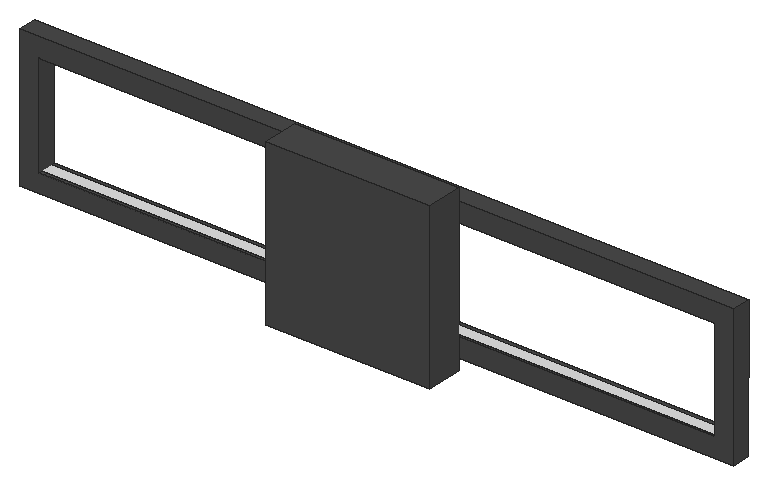
Revit family "3-5055-xx Xanni Vanity", category Luminarias, Revit 2021
Family settings
  Anfitrión = Muro
  Cota de conector redondo = Diámetro de uso
  Tipo de pieza = Normal
  Número OmniClass = 23.80.70.00
  Título OmniClass = Lighting
  Siempre vertical = Sí
  Corte con vacíos al cargar = No
  Origen de luz = Sí
  Compartido = No
  Punto de cálculo de habitación = No
Parameters (values of type "3-5055-15 / Black - Matte White Acrylic")
  Ángulo de inclinación = 180.00°
  Elevación por defecto = 0.00"
  Comentarios de vataje = "1 x 18.7 W at 120 V"  # constant formula
  Wattage = 18.7 W
  built-in parameter 1150110 = 1 (stored number, unit not read)
  Voltage Input = "120 V or 277 V - 50/60 Hz"  # constant formula
  Voltage = 120 V
  URL = "www.oxygenlighting.com"
  built-in parameter 1114217 = 1 (stored number, unit not read)
  built-in parameter 1150109 = 1 (stored number, unit not read)
  built-in parameter 1150134 = (empty or 0)
  built-in parameter 1150113 = 1 (stored number, unit not read)
  References = "Ref. 3 = 120 V / Ref. 37 = 277 V"  # constant formula
  Modelo = "3-5055-xx / Xanni Vanity"  # constant formula
  Metal Finish = 15 - Black
  Fabricante = "Oxygen Lighting and Fans"  # constant formula
  Lumens = 1056.55 lm
  built-in parameter 1150115 = 1 (stored number, unit not read)
  built-in parameter 1150105 = 84.078 (stored number, unit not read)
  built-in parameter 1150137 = (empty or 0)
  built-in parameter 1150139 = (empty or 0)
  built-in parameter 1150112 = 1 (stored number, unit not read)
  built-in parameter 1150114 = 1 (stored number, unit not read)
  Lámpara = "LED Array"  # constant formula
  built-in parameter 1150132 = (empty or 0)
  built-in parameter 1150102 = (empty or 0)
  built-in parameter 1150138 = (empty or 0)
  built-in parameter 1150107 = 3000 (stored number, unit not read)
  built-in parameter 1150106 = 0.84078 (stored number, unit not read)
  Height = 16.00"
  built-in parameter 1150104 = 5.249 (stored number, unit not read)
  Cambio de temperatura de color de luz atenuada = <Ninguno>
  Diffusers = Matte White Acrylic
  Color Filter = 16777215
  built-in parameter 1114218 = 1 (stored number, unit not read)
  Archivo de red fotométrica = "3-5055-40 Xanni 25 Vanity.ies"
  built-in parameter 1150133 = 10 (stored number, unit not read)
Types (2): name | Metal Finish | Lumens | built-in parameter 1150105 | built-in parameter 1150106 | built-in parameter 1150104
  3-5055-15 / Black - Matte White Acrylic | 15 - Black | 1056.55 lm | 84.078 (stored number, unit not read) | 0.84078 (stored number, unit not read) | 5.249 (stored number, unit not read)
  3-5055-40 / Aged Brass - Matte White Acrylic | 40 - Aged Brass | 1060.29 lm | 84.375 (stored number, unit not read) | 0.84375 (stored number, unit not read) | 5.2676 (stored number, unit not read)
Reference planes (in)
  plane 1: y = 0
  plane 2 "Light Source Axis (L/R)": x = 4.92126
  plane 3 "Light Source Axis (F/R)": y = 4.33071
  plane 4 "Light Source Elevation": z = 52.56114
  plane 5: y = 2.95276
Text (in)
  text "Placement side" at (-70.3598, 43.96769, 0), in view "Ref. Level"
  text "Placement side" at (0, 83.08644, 117.56134), in view "Left"
  text "Placement side" at (0, 24.74324, 118.58137), in view "Right"
Dimensions and locks (in)
  locked: plane 3 "Light Source Axis (F/R)" to plane 5 at 1.37795
  locked: nested 1 to plane 4 "Light Source Elevation" at 2.36167
  aligned and locked: plane 1 to host wall
  aligned and locked: plane 5 to host wall
  aligned and locked: plane 5 to nested 1
  aligned and locked: plane 4 "Light Source Elevation" to imposter light
  aligned and locked: nested 1 to plane 2 "Light Source Axis (L/R)"
Nested families (in)
  nested 1: "Family2" at (4.92126, 2.95276, 52.70614) x (-1, 0, 0) z (0, 0, 1), type "Family2"
Connectors (in)
  electrical at (4.92126, 2.95276, 52.56114)
    settings: on nested 1, index 1, voltage 0 V, apparent load 0 VA, apparent load phase1 0 VA, apparent load phase2 0 VA, apparent load phase3 0 VA, power factor 1, load classification "Otro", number of poles 1, system type 31, power factor state 1, is connector primary yes, connector utility no, sub classification motor no, connector description ""
Definition of nested family "Family2"
  Parameters (values of type "Family2")
    Metal Finish 2 = none
    Metal Finish 1 = none
    Met = none
    Height = 16.00"
    Default Elevation = 0.00"
    Diffuser = none
  Reference planes (in)
    plane 1 "Center (Front/Back)": y = 0
    plane 2: z = 0
    plane 3 "Center (Left/Right)": x = 0
  Forms (in)
    Extrusion 1, solid, material <- "Metal Finish 1"
      sketch origin (0, 0, -0.4) x (0, 1, 0) y (0, 0, 1)
        loop
          line (-1.22, 3.01) -> (-1.22, -2.5) -> (0, -2.5) -> (0, 3.01) -> (-1.22, 3.01)
      from -2.75667 to 2.75667
    Extrusion 2, solid, material <- "Metal Finish 1"
      sketch origin (0, 0, 0) x (1, 0, 0) y (0, 0, 1)
        loop
          line (-12, 2.21667) -> (-12, -2.50667) -> (12, -2.50667) -> (12, 2.21667) -> (-12, 2.21667)
        loop
          line (11.37, -1.87667) -> (11.37, 1.58667) -> (-11.37, 1.58667) -> (-11.37, -1.87667) -> (11.37, -1.87667)
      from 1.22 to 1.85
    Extrusion 3, void
      sketch origin (0, 0, 0) x (1, 0, 0) y (0, 1, 0)
        loop
          line (-11.37, -1.30773) -> (-11.37, -1.74955) -> (11.37, -1.74955) -> (11.37, -1.30773) -> (-11.37, -1.30773)
      from -2.39019 to 2.09491
    Extrusion 4, solid, material <- "Diffuser"
      sketch origin (0, 0, 0) x (1, 0, 0) y (0, 1, 0)
        loop
          line (-11.37, -1.30773) -> (-11.37, -1.74955) -> (11.37, -1.74955) -> (11.37, -1.30773) -> (-11.37, -1.30773)
      from 1.58667 to 2.09491
    Extrusion 5, solid, material <- "Diffuser"
      sketch origin (0, 0, 0) x (1, 0, 0) y (0, 1, 0)
        loop
          line (-11.37, -1.30773) -> (-11.37, -1.74955) -> (11.37, -1.74955) -> (11.37, -1.30773) -> (-11.37, -1.30773)
      from -2.39019 to -1.87667
  Cuts and joins
    Extrusion 3 cuts Extrusion 2
  Dimensions and locks (in)
    aligned and locked: level to plane 2
